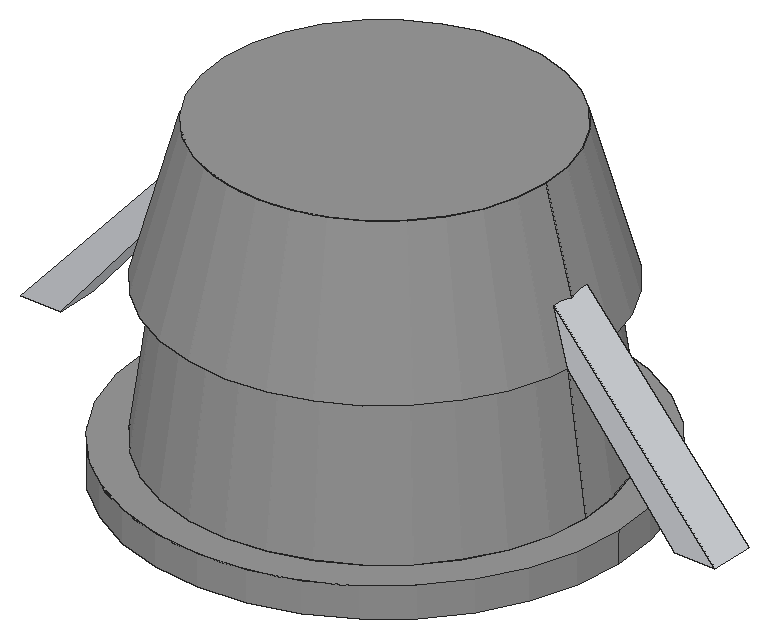
Revit family "KEPLER-DOWN_LIGHT_LED_23W_O175+connect_19_3000K", category Lighting Fixtures, host Ceiling, Revit 2021
Family settings
  Host = Ceiling
  Round Connector Dimension = Use Diameter
  Part Type = Normal
  OmniClass Number = 23.80.70.11
  OmniClass Title = Luminaries for Internal Lighting
  Always vertical = Yes
  Cut with Voids When Loaded = No
  Light Source = Yes
  Shared = No
  Room Calculation Point = No
Parameters
  Wattage = 16.8303 W
  built-in parameter 1150110 = 1 (stored number, unit not read)
  URL = "https://www.lucera.fr/"
  built-in parameter 1114217 = 1 (stored number, unit not read)
  Tilt Angle = 90.00°
  built-in parameter 1150109 = 1 (stored number, unit not read)
  built-in parameter 1150134 = (empty or 0)
  built-in parameter 1150113 = 1 (stored number, unit not read)
  SDCM = "3"
  Puissance nominale = "23W"
  Photometric Web File = "google_eulumdat_converter.ies"
  Matériau = "Aluminium"
  Manufacturer = "Lucera - Lucera (c) 06/01/2021 16:39:42 +01:00"  # constant formula
  Maintien du flux = "L80B10 (50 000 heures)"
  Lumens = 2500 lm
  built-in parameter 1150115 = 1 (stored number, unit not read)
  built-in parameter 1150105 = 198.94 (stored number, unit not read)
  built-in parameter 1150137 = (empty or 0)
  built-in parameter 1150139 = (empty or 0)
  built-in parameter 1150112 = 1 (stored number, unit not read)
  built-in parameter 1150114 = 1 (stored number, unit not read)
  Lamp = "LED XC-COB Bridgelux 2630"
  built-in parameter 1150132 = 2
  built-in parameter 1150102 = (empty or 0)
  built-in parameter 1150138 = (empty or 0)
  built-in parameter 1150107 = 3000 (stored number, unit not read)
  built-in parameter 1150106 = 1.9894 (stored number, unit not read)
  IRC = ">90"
  built-in parameter 1150104 = 13.8 (stored number, unit not read)
  Durée de vie = "50 000 heures"
  Driver = "Driver Lifud TUV CE CCC"
  Dimming Lamp Color Temperature Shift = <None>
  Dimensions = "Ø 175 mm, H = 118 mm"
  Dimension découpe = "Ø 150-165 mm"
  Default Elevation = 0.00 mm
  Couleur = "Blanc"
  Color Filter = 16777215
  built-in parameter 1114218 = 1 (stored number, unit not read)
  built-in parameter 1150133 = 10 (stored number, unit not read)
  Angle d'éclairage = "38°"
  Alimentation luminaire = "33-40V dc / 600mA"
  Alimentation Driver = "AC 220-240V"
Reference planes
  plane 1 "Light Source Axis (F/B)": y = 0
  plane 2 "Ceiling": z = 2438.4
  plane 3 "Light Source Axis (L/R)": x = 0
  plane 4 "Light Source Elevation": z = 2427.273
Forms (mm)
  Extrusion 1, solid, material "Aluminum, Blanc"
    sketch origin (0, 0, 2427.273) x (0, -1, 0) y (1, 0, 0)
      loop
        circle (0, 0) r 87.5
      loop
        circle (0, 0) r 75
    from 0 to 11.127
  Blend 2, solid, material "Aluminum, Blanc"
    base sketch origin (0, 0, 2427.273) x (0, -1, 0) y (1, 0, 0)
      loop
        circle (0, 0) r 75
    top sketch origin (0, 0, 2427.273) x (0, -1, 0) y (1, 0, 0)
      loop
        circle (0, 0) r 60
    from 11.127 to 118
  Blend 3, solid, material "Aluminum, Gris"
    base sketch origin (0, 0, 2427.273) x (0, -1, 0) y (1, 0, 0)
      loop
        circle (0, 0) r 75
    top sketch origin (0, 0, 2427.273) x (0, -1, 0) y (1, 0, 0)
      loop
        circle (0, 0) r 60
    from 64.402 to 118
  Extrusion 4, solid, material "Glass, White, High Luminance"
    sketch origin (0, 0, 2427.273) x (0, -1, 0) y (1, 0, 0)
      loop
        circle (0, 0) r 75
    from 0 to 11.127
  Extrusion 5, solid
    sketch origin (0, 0, 0) x (1, 0, 0) y (0, 0, 1)
      loop
        line (-75, 2491.676) -> (-69.824, 2510.994) -> (-130.045, 2444.111) -> (-115.045, 2444.111) -> (-75, 2491.676)
    from -7.818 to 7.903
  Extrusion 6, solid
    sketch origin (-0.478, 0, 0) x (-1, 0, 0) y (0, 0, -1)
      loop
        line (-75, -2491.676) -> (-115.045, -2444.111) -> (-130.045, -2444.111) -> (-69.824, -2510.994) -> (-75, -2491.676)
    from -7.818 to 7.903
Lines and regions (mm)
  reference lines
    curve 1: line (0, 0, 2427.273) -> (42.5, 0, 2427.273)
    curve 2: line (0, 0, 2427.273) -> (70, 0, 2427.273)
    curve 3: line (0, 0, 2427.273) -> (87.5, 0, 2427.273)
    curve 4: line (0, 0, 2427.273) -> (0, 0, 2545.273)
Dimensions and locks
  equal spacing: host sketch curve, plane 3 "Light Source Axis (L/R)", host sketch curve
  equal spacing: host sketch curve, plane 1 "Light Source Axis (F/B)", host sketch curve
  host sketch curve to host sketch curve = 3048.00 mm  (x2)
  aligned and locked: plane 1 "Light Source Axis (F/B)" to imposter light
  aligned and locked: plane 4 "Light Source Elevation" to imposter light
